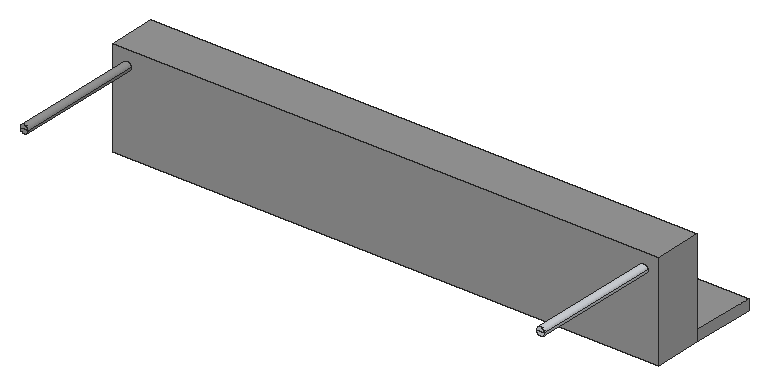
Revit family "Wall_Sink-Willoughby-CWWS-5", category Plumbing Fixtures, Revit 2015
Parameters (values of type "102" x 18"")
  Waste Connection = no
  Vent Connection = no
  URL = "https://www.willoughby-ind.com/wp-content/uploads/2018/01/CWWS.pdf"
  Sink Right = 4' - 3"
  Sink Left = 4' - 3"
  Revision = "A"
  Model = "CWWS-5"
  Manufacturer = "Willoughby Industries"
  HW Connection = no
  Fixture Body = Stainless Steel AISI 304-Willoughby
  Description = "Commercial Wall Sink, 5 Stations, 102\" X 18\""
  Default Elevation = 0' - 0"
  Contact = "(800) 428-4065"
  CW Connection = no
  80" x 18" = no
  62" x 18" = no
  48" x 18" = no
  102" x 18" = yes
Reference planes (in)
  plane 1 "Center (Front/Back)": y = 0
  plane 2: z = 0
  plane 3 "Center (Left/Right)": x = 0
  plane 4 "Bottom Of Sink": y = 24
  plane 5 "Sink HGT": y = 33
  plane 6 "Top Of Unit": y = 45
  plane 7: z = 2
  plane 8: z = 7
  plane 9 "Front line": z = 18
  plane 10: x = 51
  plane 11: x = -51
  plane 12: x = -48.25
  plane 13: x = 48.25
  plane 14: z = 15.25
Forms (in)
  Extrusion 1, solid, material "Stainless Steel AISI 304-Willoughby" <- "Fixture Body"
    sketch origin (0, 33, 0) x (-1, 0, 0) y (0, 0, 1)
      loop
        line (-51, 0) -> (51, 0) -> (51, 18) -> (-51, 18) -> (-51, 0)
    from 0 to -9
  Extrusion 2, solid, material "Stainless Steel AISI 304-Willoughby" <- "Fixture Body"
    sketch origin (0, 0, 0) x (1, 0, 0) y (0, 1, 0)
      loop
        line (-51, 33) -> (51, 33) -> (51, 45) -> (-51, 45) -> (-51, 33)
    from 0 to 2
  Revolve 3, solid, material "Stainless Steel AISI 304-Willoughby" <- "Fixture Body"
    sketch origin (44.70941, 0, 15.25) x (1, 0, 0) y (0, 1, 0)
      loop
        line (-92.95941, 0) -> (-92.20941, 0) -> (-92.20941, 24) -> (-92.95941, 24) -> (-92.95941, 0)
      axis (-92.95941, 24) -> (-92.95941, 0)
    angle from 0 to 360
  Revolve 4, solid
    sketch origin (44.70941, 0, 15.25) x (1, 0, 0) y (0, 1, 0)
      loop
        line (3.54059, 0) -> (4.29059, 0) -> (4.29059, 24) -> (3.54059, 24) -> (3.54059, 0)
      axis (3.54059, 24) -> (3.54059, 0)
    angle from 0 to 360
  Extrusion 5, void
    sketch origin (0, 33, 0) x (-1, 0, 0) y (0, 0, 1)
      loop
        line (-50, 17) -> (-50, 3) -> (50, 3) -> (50, 17) -> (-50, 17)
    from 0 to -8.83152
Cuts and joins
  Extrusion 5 cuts Extrusion 1
Lines and regions (in)
  symbolic lines, detail levels fine
    curve 1: line (-49, 0, 0) -> (-49, 24, 0)
    curve 2: line (-49, 0, 0) -> (-47.5, 0, 0)
    curve 3: line (-47.5, 0, 0) -> (-47.5, 24, 0)
    curve 7: line (49, 0, 0) -> (47.5, 0, 0)
    curve 8: line (47.5, 0, 0) -> (47.5, 24, 0)
    curve 9: line (49, 0, 0) -> (49, 24, 0)
    curve 18: line (-50, 33, 3) -> (-50, 33, 17)
    curve 19: line (-50, 33, 17) -> (50, 33, 17)
    curve 20: line (50, 33, 17) -> (50, 33, 3)
    curve 21: line (50, 33, 3) -> (-50, 33, 3)
    curve 29: line (0, 0, 14.5) -> (0, 0, 16)
    curve 30: line (0, 0, 16) -> (0, 24, 16)
    curve 31: line (0, 0, 14.5) -> (0, 24, 14.5)
  symbolic lines
    curve 4: line (-51, 24, 0) -> (51, 24, 0)
    curve 5: line (51, 24, 0) -> (51, 33, 0)
    curve 6: line (51, 33, 0) -> (-51, 33, 0)
    curve 13: line (51, 33, 0) -> (51, 33, 18)
    curve 14: line (51, 33, 18) -> (-51, 33, 18)
    curve 15: line (-51, 33, 18) -> (-51, 33, 0)
    curve 16: line (-51, 33, 0) -> (51, 33, 0)
    curve 22: line (0, 24, 0) -> (0, 33, 0)
    curve 23: line (0, 33, 0) -> (0, 33, 18)
    curve 24: line (0, 33, 18) -> (0, 24, 18)
    curve 25: line (0, 24, 18) -> (0, 24, 0)
  symbolic lines, detail levels medium+fine
    curve 10: line (51, 33, 0) -> (51, 45, 0)
    curve 11: line (51, 45, 0) -> (-51, 45, 0)
    curve 12: line (-51, 45, 0) -> (-51, 33, 0)
    curve 17: line (51, 33, 2) -> (-51, 33, 2)
    curve 26: line (0, 33, 0) -> (0, 45, 0)
    curve 27: line (0, 45, 0) -> (0, 45, 2)
    curve 28: line (0, 45, 2) -> (0, 33, 2)
Dimensions and locks (in)
  locked: plane 11 to plane 12 at 2.75
  locked: plane 13 to plane 10 at 2.75
  plane 14 to plane 9 "Front line" = 0' - 2 3/4"
  "Sink Left": plane 11 to plane 3 "Center (Left/Right)"
  "Sink Right": plane 3 "Center (Left/Right)" to plane 10
  aligned and locked: Extrusion 1 to plane 9 "Front line"
  aligned and locked: Extrusion 1 to plane 11
  aligned and locked: plane 10 to Extrusion 1
  aligned and locked: Extrusion 1 to level
  aligned and locked: Extrusion 1 to plane 4 "Bottom Of Sink"
  aligned and locked: Extrusion 1 to plane 5 "Sink HGT"
  aligned and locked: Extrusion 2 to plane 11
  aligned and locked: Extrusion 2 to plane 6 "Top Of Unit"
  aligned and locked: Extrusion 2 to plane 5 "Sink HGT"
  aligned and locked: Extrusion 2 to level
  aligned and locked: Extrusion 2 to plane 7
  aligned and locked: Revolve 3 sketch curve to Revolve 3 sketch curve  (x2)
  aligned and locked: Revolve 4 sketch curve to Revolve 4 sketch curve  (x2)
  aligned and locked: Extrusion 5 to plane 5 "Sink HGT"
Automatic sketch dimensions
  Extrusion 1 sketch curve to plane 9 "Front line" = 0' - 0"
  Extrusion 1 sketch curve to plane 10 = 0' - 0"
  Extrusion 1 sketch curve to level = 0' - 0"
  Extrusion 1 sketch curve to plane 11 = 0' - 0"
  Extrusion 2 sketch curve to plane 6 "Top Of Unit" = 0' - 0"
  Extrusion 2 sketch curve to plane 11 = 0' - 0"
  Extrusion 2 sketch curve to plane 5 "Sink HGT" = 0' - 0"
  Extrusion 2 sketch curve to plane 10 = 0' - 0"
  Extrusion 5 sketch curve to plane 10 = 0' - 1"
  plane 11 to Extrusion 5 sketch curve = 0' - 1"
  plane 7 to Extrusion 5 sketch curve = 0' - 1"
  Extrusion 5 sketch curve to plane 9 "Front line" = 0' - 1"
  plane 1 "Center (Front/Back)" to Revolve 4 sketch curve = 0' - 0"  (x2)
  Revolve 4 sketch curve to plane 13 = 0' - 0"
  Revolve 4 sketch curve to plane 4 "Bottom Of Sink" = 0' - 0"
  Revolve 4 sketch curve to plane 13 = 0' - 0 3/4"
  plane 1 "Center (Front/Back)" to Revolve 3 sketch curve = 0' - 0"  (x2)
  Revolve 3 sketch curve to plane 12 = 0' - 0"
  Revolve 3 sketch curve to plane 4 "Bottom Of Sink" = 0' - 0"
  Revolve 3 sketch curve to plane 12 = 0' - 0 3/4"
  curve 4 to plane 4 "Bottom Of Sink" = 0' - 0"
  curve 4 to plane 11 = 0' - 0"
  curve 12 to plane 6 "Top Of Unit" = 0' - 0"
  curve 11 to plane 11 = 0' - 0"
  plane 1 "Center (Front/Back)" to curve 1 = 0' - 0"
  plane 1 "Center (Front/Back)" to curve 8 = 0' - 0"
  curve 10 to plane 10 = 0' - 0"
  curve 12 to plane 5 "Sink HGT" = 0' - 0"
  plane 12 to curve 1 = 0' - 0 3/4"
  curve 2 to plane 12 = 0' - 0 3/4"
  plane 13 to curve 8 = 0' - 0 3/4"
  curve 9 to plane 13 = 0' - 0 3/4"
  curve 13 to level = 0' - 0"
  curve 13 to plane 10 = 0' - 0"
  curve 15 to plane 11 = 0' - 0"
  curve 17 to plane 7 = 0' - 0"
  curve 14 to plane 9 "Front line" = 0' - 0"
  curve 19 to plane 10 = 0' - 1"
  plane 11 to curve 18 = 0' - 1"
  curve 20 to plane 9 "Front line" = 0' - 1"
  plane 7 to curve 21 = 0' - 1"
  curve 29 to plane 1 "Center (Front/Back)" = 0' - 0"
  curve 31 to plane 4 "Bottom Of Sink" = 0' - 0"
  curve 24 to plane 5 "Sink HGT" = 0' - 0"
  curve 27 to plane 6 "Top Of Unit" = 0' - 0"
  curve 22 to level = 0' - 0"
  curve 28 to plane 7 = 0' - 0"
  curve 24 to plane 9 "Front line" = 0' - 0"
  plane 14 to curve 30 = 0' - 0 3/4"
  curve 31 to plane 14 = 0' - 0 3/4"
